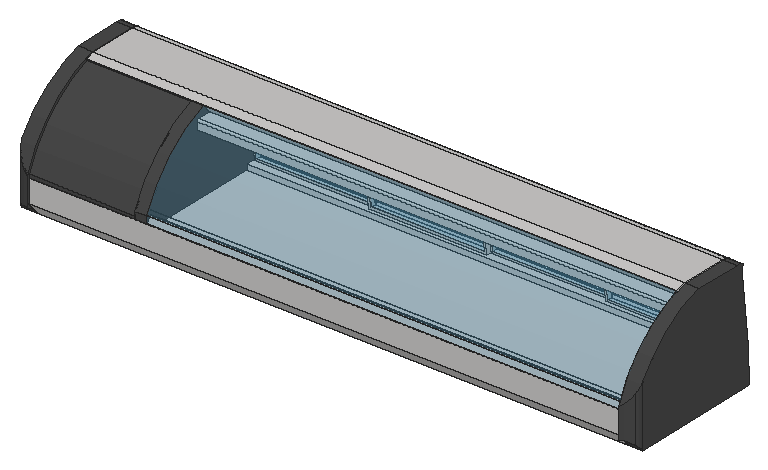
Revit family "QF_EVEREST_ESC59L", category Specialty Equipment, Revit 2015
Parameters (values of type "ESC59L")
  Weight in Pounds = 112
  Watts = if(Phase = 3, Volts * FL Amps * 1.73, Volts * FL Amps)  # 172.5 W
  Volts = 115 V
  URL Cutsheet = ""
  Specification by User = ""
  Specification by Manufacturer = ""
  Show Clearance [instance] = yes
  Show 4 Inches Back Splash [instance] = yes
  Serial Number = ""
  Seismic Rating = ""
  SMACNA No = ""
  Revision Code = ""
  Refrigerant Type [instance] = "R290"
  Phase = 1
  Number of Poles = 1
  NAFEM Spec ID Number = ""
  Model = "ESC59L"
  Min Ckt Ampacity = 0 A
  Max Overcurrent Protection = 0 A
  Masterspec = ""
  Manufacturer = "EVEREST"
  Length = 1500.00 mm
  Item Number = ""
  Installed By = ""
  Identify Quantity as Lot = yes
  Height = 283.00 mm
  HP = "1/8"
  Furnished By = ""
  Foodservice Equipment Identifier = yes
  FL Amps = 1.5 A
  Electrical Remarks = ""
  Electric Connection Type = ""
  Elec Conn RI Height = 0.00 mm
  Elec Conn Connection Height = 0.00 mm
  Description = "COUNTERTOP REFRIGERATED DISPLAY CASE"
  Depth = 349.00 mm
  Cycle = 60 Hz
  Conn Plug = "NEMA 5-15P"
  Conn Conduit = yes
  CSI MasterFormat = ""
  Base Height [instance] = if(Show 5 Inches Caster, 125.00 mm, 64.00 mm)  # 125.00 mm
  BTUH [instance] = 1211.0 Btu/h
  Apparent Power = if(Phase = 3, Volts * FL Amps * 1.73, Volts * FL Amps)  # 172.5 VA
  Show 5 Inches Caster [instance] = not(Show 2.5 Inches Caster)  # yes
  Show 2.5 Inches Caster [instance] = no
Reference planes
  plane 1 "BACK": y = 0
  plane 2: z = 0
  plane 3 "LEFT": x = 0
  plane 4 "RIGHT": x = 1500
  plane 5 "FRONT": y = -349
  plane 6 "TOP": z = 283
  plane 7 "Center Y": x = 750
  plane 8 "Center X": y = -174.5
  plane 9: z = 8
  plane 10: z = 33
  plane 11: z = 95
  plane 12: y = -19
  plane 13: y = -149
  plane 14: x = 892.75
  plane 15: x = 1465
  plane 16: x = 1178.875
  plane 17: x = 606.625
Forms (mm)
  Extrusion 1, solid, material "QF_Plastic - Black - Coarse Textured"
    sketch origin (0, 0, 0) x (0, 1, 0) y (0, 0, 1)
      loop
        line (0, 9.5) -> (0, 91.234) -> (-20.748, 259.241)
        arc (-20.748, 259.241) -> (-20.763, 259.811) -> (-20.671, 260.374) r 3
        arc (-20.671, 260.374) -> (-18.826, 269.44) -> (-18.029, 278.658) r 80.818
        arc (-18.029, 278.658) -> (-18.635, 280.519) -> (-20.285, 281.571) r 2.901
        arc (-20.285, 281.571) -> (-26.602, 282.642) -> (-33, 283) r 57.29
        line (-33, 283) -> (-149, 283)
        arc (-149, 283) -> (-271.831, 213.288) -> (-349, 95) r 299.198
        line (-349, 95) -> (-349, 34.921)
        arc (-349, 34.921) -> (-348.544, 33.304) -> (-347.311, 32.163) r 3.096
        arc (-347.311, 32.163) -> (-331.731, 21.751) -> (-319, 8) r 80
        line (-319, 8) -> (-1.5, 8)
        arc (-1.5, 8) -> (-0.439, 8.439) -> (0, 9.5) r 1.5
    from 0 to 35
  Extrusion 2, solid, material "QF_Plastic - Black - Coarse Textured"
    sketch origin (1500, 0, 0) x (0, -1, 0) y (0, 0, 1)
      loop
        arc (0, 9.5) -> (0.439, 8.439) -> (1.5, 8) r 1.5
        line (1.5, 8) -> (319, 8)
        arc (319, 8) -> (331.731, 21.751) -> (347.311, 32.163) r 80
        arc (347.311, 32.163) -> (348.544, 33.304) -> (349, 34.921) r 3.096
        line (349, 34.921) -> (349, 95)
        arc (349, 95) -> (271.831, 213.288) -> (149, 283) r 299.198
        line (149, 283) -> (33, 283)
        arc (33, 283) -> (26.602, 282.642) -> (20.285, 281.571) r 57.29
        arc (20.285, 281.571) -> (18.635, 280.519) -> (18.029, 278.658) r 2.901
        arc (18.029, 278.658) -> (18.826, 269.44) -> (20.671, 260.374) r 80.818
        arc (20.671, 260.374) -> (20.763, 259.811) -> (20.748, 259.241) r 3
        line (20.748, 259.241) -> (0, 91.234) -> (0, 9.5)
    from 0 to 35
  Extrusion 3, solid, material "QF_Metal - Stainless - Polished"
    sketch origin (35, 0, 0) x (0, 1, 0) y (0, 0, 1)
      loop
        line (0, 91.234) -> (-40, 91.234) -> (-40, 78.508) -> (-327.644, 78.508) -> (-327.644, 106) -> (-334.908, 110.194) -> (-342.65, 95) -> (-342.65, 36.888) -> (-319, 8) -> (-1.5, 8)
        arc (-1.5, 8) -> (-0.439, 8.439) -> (0, 9.5) r 1.5
        line (0, 9.5) -> (0, 91.234)
      loop
        line (-17.644, 234.109) -> (-20.748, 259.241)
        arc (-20.748, 259.241) -> (-20.763, 259.811) -> (-20.671, 260.374) r 3
        arc (-20.671, 260.374) -> (-18.826, 269.44) -> (-18.029, 278.658) r 80.818
        arc (-18.029, 278.658) -> (-18.635, 280.519) -> (-20.285, 281.571) r 2.901
        arc (-20.285, 281.571) -> (-26.602, 282.642) -> (-33, 283) r 57.29
        line (-33, 283) -> (-149, 283)
        arc (-149, 283) -> (-160.018, 279.626) -> (-170.898, 275.829) r 299.198
        line (-170.898, 275.829) -> (-155.26, 255.814) -> (-190.018, 255.814)
        arc (-190.018, 255.814) -> (-192.572, 254.756) -> (-193.63, 252.203) r 3.611
        line (-193.63, 252.203) -> (-193.63, 233.834) -> (-179.56, 225.711) -> (-65.271, 225.711) -> (-17.644, 234.109)
    from 0 to 1430
  Extrusion 4, solid, material "QF_Plastic - Black - Coarse Textured"
    sketch origin (285.5, 0, 0) x (0, 1, 0) y (0, 0, 1)
      loop
        line (-342.65, 111.411) -> (-342.65, 95) -> (-334.908, 110.194) -> (-327.644, 106) -> (-327.644, 78.508) -> (-40, 78.508) -> (-40, 91.234) -> (0, 91.234) -> (-17.644, 234.109) -> (-57.036, 227.163) -> (-65.618, 275.829) -> (-140.26, 275.829) -> (-140.26, 255.814) -> (-155.26, 255.814) -> (-170.898, 275.829)
        arc (-170.898, 275.829) -> (-273.807, 211.414) -> (-342.65, 111.411) r 299.198
    from 6.2 to 35
  Extrusion 5, solid, material "QF_Plastic - Black - Coarse Textured"
    sketch origin (35, 0, 0) x (0, 1, 0) y (0, 0, 1)
      loop
        line (-342.65, 102.954) -> (-342.65, 95) -> (-334.908, 110.194) -> (-327.644, 106) -> (-327.644, 78.508) -> (-40, 78.508) -> (-40, 91.234) -> (0, 91.234) -> (-17.644, 234.109) -> (-57.036, 227.163) -> (-65.618, 275.829) -> (-140.26, 275.829) -> (-140.26, 255.814) -> (-155.26, 255.814) -> (-168.842, 273.198)
        arc (-168.842, 273.198) -> (-274.045, 206.757) -> (-342.65, 102.954) r 296.018
    from 0 to 256.7
  Extrusion 6, solid, material "Glass"
    sketch origin (320.5, 0, 0) x (0, 1, 0) y (0, 0, 1)
      loop
        arc (-170.898, 275.829) -> (-273.807, 211.414) -> (-342.65, 111.411) r 299.198
        line (-342.65, 111.411) -> (-342.65, 95) -> (-334.908, 110.194) -> (-334.908, 120.991)
        arc (-334.908, 120.991) -> (-266.919, 213.509) -> (-168.842, 273.198) r 296.018
        line (-168.842, 273.198) -> (-170.898, 275.829)
    from 0 to 1144.5
  Revolve 7, solid, material "QF_Metal - Stainless - Polished"
    sketch origin (100, 0, 0) x (0, 1, 0) y (0, 0, 1)
      loop
        line (-305.48, 8) -> (-301.947, 1.881)
        arc (-301.947, 1.881) -> (-300.57, 0.504) -> (-298.689, 0) r 3.761
        line (-298.689, 0) -> (-286.813, 0) -> (-286.813, 8) -> (-305.48, 8)
      axis (-286.813, 0) -> (-286.813, 8)
    angle from 0 to 360
  Revolve 8, solid, material "QF_Metal - Stainless - Polished"
    sketch origin (100, 246.128, 0) x (0, 1, 0) y (0, 0, 1)
      loop
        line (-305.48, 8) -> (-301.947, 1.881)
        arc (-301.947, 1.881) -> (-300.57, 0.504) -> (-298.689, 0) r 3.761
        line (-298.689, 0) -> (-286.813, 0) -> (-286.813, 8) -> (-305.48, 8)
      axis (-286.813, 0) -> (-286.813, 8)
    angle from 0 to 360
  Extrusion 9, void
    sketch origin (0, 0, 0) x (1, 0, 0) y (0, 1, 0)
      loop
        line (0, -319) -> (-5, -319) -> (-5, -355.044) -> (55.13, -355.044) -> (55.13, -348.998)
        arc (55.13, -348.998) -> (29.399, -345.013) -> (6.576, -332.482) r 75.099
        arc (6.576, -332.482) -> (1.778, -326.477) -> (0, -319) r 17.583
      loop
        arc (1500, -319) -> (1498.222, -326.477) -> (1493.424, -332.482) r 17.583
        arc (1493.424, -332.482) -> (1470.601, -345.013) -> (1444.87, -348.998) r 75.099
        line (1444.87, -348.998) -> (1444.87, -355.044) -> (1505, -355.044) -> (1505, -319) -> (1500, -319)
    from 0 to 304.8
  Extrusion 10, solid, material "QF_Metal - Stainless - Polished"
    sketch origin (35, 0, 9.5) x (0, 0, 1) y (1, 0, 0)
      loop
        circle (44.754, 125.25) r 5
    from 0 to 6.35
  Extrusion 11, solid, material "QF_Metal - Stainless - Polished"
    sketch origin (1465, 0, 0) x (0, -1, 0) y (0, 0, 1)
      loop
        line (20, 91.234) -> (29.851, 91.234) -> (46.853, 228.959) -> (37.34, 230.636) -> (20, 91.234)
    from 572.25 to 858.375
  Extrusion 12, solid, material "QF_Metal - Stainless - Polished"
    sketch origin (320.5, 0, 0) x (0, 1, 0) y (0, 0, 1)
      loop
        line (-20, 91.234) -> (-10.146, 91.234) -> (-27.828, 232.313) -> (-37.34, 230.636) -> (-20, 91.234)
    from 0 to 286.125
  Extrusion 13, void
    sketch origin (320.5, -27.828, 232.313) x (0, -0.12436, 0.992237) y (-1, 0, 0)
      loop
        line (-134.608, -292.475) -> (-134.608, -565.9) -> (-6.831, -565.9) -> (-6.831, -292.475) -> (-134.608, -292.475)
    from 0 to 31.919
  Extrusion 14, solid, material "Glass"
    sketch origin (1465, -37.34, 230.636) x (0, 0.123439, -0.992352) y (-1, 0, 0)
      loop
        line (134.126, 578.6) -> (134.126, 852.025) -> (6.35, 852.025) -> (6.35, 578.6) -> (134.126, 578.6)
    from 0 to -9.712
  Extrusion 15, solid, material "QF_Metal - Stainless - Polished"
    sketch origin (742.75, -17.567, 233.599) x (0, -0.992237, -0.12436) y (1, 0, 0)
      loop
        line (10.341, -417.364) -> (0.121, -417.364) -> (0.121, -409.364) -> (-1.879, -409.364) -> (-1.879, -419.364) -> (10.341, -419.364) -> (10.341, -417.364)
      loop
        line (20.118, 716.114) -> (20.118, 718.114) -> (6.648, 718.114) -> (6.648, 708.114) -> (8.648, 708.114) -> (8.648, 716.114) -> (20.118, 716.114)
      loop
        line (20.118, 143.864) -> (20.118, 145.864) -> (6.648, 145.864) -> (6.648, 135.864) -> (8.648, 135.864) -> (8.648, 143.864) -> (20.118, 143.864)
      loop
        line (10.341, 154.886) -> (0.121, 154.886) -> (0.121, 162.886) -> (-1.879, 162.886) -> (-1.879, 152.886) -> (10.341, 152.886) -> (10.341, 154.886)
    from -42.344 to -98.382
  Extrusion 16, void
    sketch origin (320.5, -27.828, 232.313) x (0, -0.12436, 0.992237) y (-1, 0, 0)
      loop
        line (-6.35, -279.775) -> (-6.35, -6.35) -> (-135.833, -6.35) -> (-135.833, -279.775) -> (-6.35, -279.775)
    from 0 to 22
  Extrusion 17, solid, material "Glass"
    sketch origin (320.5, -27.828, 232.313) x (0, 0.12436, -0.992237) y (-1, 0, 0)
      loop
        line (135.833, -279.775) -> (135.833, -6.35) -> (6.35, -6.35) -> (6.35, -279.775) -> (135.833, -279.775)
    from 0 to -9.712
  Revolve 18, solid, material "QF_Metal - Stainless - Polished"
    sketch origin (750, 0, 0) x (0, 1, 0) y (0, 0, 1)
      loop
        line (-305.48, 8) -> (-301.947, 1.881)
        arc (-301.947, 1.881) -> (-300.57, 0.504) -> (-298.689, 0) r 3.761
        line (-298.689, 0) -> (-286.813, 0) -> (-286.813, 8) -> (-305.48, 8)
      axis (-286.813, 0) -> (-286.813, 8)
    angle from 0 to 360
  Revolve 19, solid, material "QF_Metal - Stainless - Polished"
    sketch origin (750, 246.128, 0) x (0, 1, 0) y (0, 0, 1)
      loop
        line (-305.48, 8) -> (-301.947, 1.881)
        arc (-301.947, 1.881) -> (-300.57, 0.504) -> (-298.689, 0) r 3.761
        line (-298.689, 0) -> (-286.813, 0) -> (-286.813, 8) -> (-305.48, 8)
      axis (-286.813, 0) -> (-286.813, 8)
    angle from 0 to 360
  Revolve 20, solid, material "QF_Metal - Stainless - Polished"
    sketch origin (1400, 0, 0) x (0, 1, 0) y (0, 0, -1)
      loop
        line (-305.48, -8) -> (-286.813, -8) -> (-286.813, 0) -> (-298.689, 0)
        arc (-298.689, 0) -> (-300.57, -0.504) -> (-301.947, -1.881) r 3.761
        line (-301.947, -1.881) -> (-305.48, -8)
      axis (-286.813, 0) -> (-286.813, -8)
    angle from 0 to 360
  Revolve 21, solid, material "QF_Metal - Stainless - Polished"
    sketch origin (1400, 246.128, 0) x (0, 1, 0) y (0, 0, -1)
      loop
        line (-305.48, -8) -> (-286.813, -8) -> (-286.813, 0) -> (-298.689, 0)
        arc (-298.689, 0) -> (-300.57, -0.504) -> (-301.947, -1.881) r 3.761
        line (-301.947, -1.881) -> (-305.48, -8)
      axis (-286.813, 0) -> (-286.813, -8)
    angle from 0 to 360
  Extrusion 22, solid, material "QF_Metal - Stainless - Polished"
    sketch origin (2037.25, 0, 0) x (0, -1, 0) y (0, 0, 1)
      loop
        line (20, 91.234) -> (29.851, 91.234) -> (46.853, 228.959) -> (37.34, 230.636) -> (20, 91.234)
    from 572.25 to 858.375
  Extrusion 23, solid, material "QF_Metal - Stainless - Polished"
    sketch origin (892.75, 0, 0) x (0, 1, 0) y (0, 0, 1)
      loop
        line (-20, 91.234) -> (-10.146, 91.234) -> (-27.828, 232.313) -> (-37.34, 230.636) -> (-20, 91.234)
    from 0 to 286.125
  Extrusion 24, void
    sketch origin (892.75, -27.828, 232.313) x (0, -0.12436, 0.992237) y (-1, 0, 0)
      loop
        line (-134.608, -292.475) -> (-134.608, -565.9) -> (-6.831, -565.9) -> (-6.831, -292.475) -> (-134.608, -292.475)
    from 0 to 31.919
  Extrusion 25, solid, material "Glass"
    sketch origin (2037.25, -37.34, 230.636) x (0, 0.123439, -0.992352) y (-1, 0, 0)
      loop
        line (134.126, 578.6) -> (134.126, 852.025) -> (6.35, 852.025) -> (6.35, 578.6) -> (134.126, 578.6)
    from 0 to -9.712
  Extrusion 26, void
    sketch origin (892.75, -27.828, 232.313) x (0, -0.12436, 0.992237) y (-1, 0, 0)
      loop
        line (-6.35, -279.775) -> (-6.35, -6.35) -> (-135.833, -6.35) -> (-135.833, -279.775) -> (-6.35, -279.775)
    from 0 to 22
  Extrusion 27, solid, material "Glass"
    sketch origin (892.75, -27.828, 232.313) x (0, 0.12436, -0.992237) y (-1, 0, 0)
      loop
        line (135.833, -279.775) -> (135.833, -6.35) -> (6.35, -6.35) -> (6.35, -279.775) -> (135.833, -279.775)
    from 0 to -9.712
Cuts and joins
  Extrusion 9 cuts Extrusion 1
  Extrusion 9 cuts Extrusion 2
  Extrusion 13, Extrusion 16, Extrusion 26 cuts Extrusion 12
  Extrusion 13, Extrusion 24 cuts Extrusion 11
  Extrusion 16 cuts Extrusion 3
  Extrusion 16 cuts Extrusion 6
  Extrusion 24 cuts Extrusion 14
  Extrusion 24 cuts Extrusion 22
  Extrusion 26 cuts Extrusion 17
  Extrusion 26 cuts Extrusion 23
Lines and regions (mm)
  symbolic lines
    curve 1: line (0, 0, 0) -> (1500, 0, 0)
    curve 2: line (0, 0, 0) -> (0, -319, 0)
    curve 3: line (1447.848, -349, 0) -> (52.152, -349, 0)
    curve 4: arc (6.576, -332.482, 0) -> (1.778, -326.477, 0) -> (0, -319, 0) r 17.583
    curve 5: arc (52.152, -349, 0) -> (27.994, -344.52, 0) -> (6.576, -332.482, 0) r 75.099
    curve 6: line (35, -346.678, 0) -> (35, 0, 0)
    curve 7: line (35, -149, 0) -> (1465, -149, 0)
    curve 8: line (35, -170.898, 0) -> (1465, -170.898, 0)
    curve 9: line (291.7, -170.898, 0) -> (291.7, -342.65, 0)
    curve 10: line (320.5, -170.898, 0) -> (320.5, -342.65, 0)
    curve 11: line (35, -342.65, 0) -> (1465, -342.65, 0)
    curve 12: line (1500, 0, 0) -> (1500, -319, 0)
    curve 13: arc (1493.424, -332.482, 0) -> (1472.006, -344.52, 0) -> (1447.848, -349, 0) r 75.099
    curve 14: arc (1500, -319, 0) -> (1498.222, -326.477, 0) -> (1493.424, -332.482, 0) r 17.583
    curve 15: line (1465, 0, 0) -> (1465, -346.678, 0)
Dimensions and locks
  equal spacing: plane 3 "LEFT", plane 7 "Center Y", plane 4 "RIGHT"
  "Length": plane 3 "LEFT" to plane 4 "RIGHT"
  equal spacing: plane 5 "FRONT", plane 8 "Center X", plane 1 "BACK"
  "Depth": plane 5 "FRONT" to plane 1 "BACK"
  "Height": plane 6 "TOP" to plane 2
  plane 9 to plane 2 = 8.00 mm
  plane 10 to plane 9 = 25.00 mm
  plane 11 to plane 9 = 87.00 mm
  equal spacing: plane 14, plane 16, plane 15
  aligned and locked: plane 2 to level
Automatic sketch dimensions
  curve 4 to plane 3 "LEFT" = 0.00 mm
  curve 7 to plane 13 = 0.00 mm
  plane 5 "FRONT" to curve 5 = 0.00 mm
  curve 15 to plane 15 = 0.00 mm
  plane 1 "BACK" to curve 12 = 0.00 mm
  curve 12 to plane 4 "RIGHT" = 0.00 mm
  plane 3 "LEFT" to curve 4 = 17.582 mm
  curve 4 to curve 3 = 34.57 mm
  plane 3 "LEFT" to curve 5 = 53.583 mm
  plane 15 to curve 13 = 18.583 mm
  plane 15 to curve 3 = 17.152 mm
  curve 14 to plane 15 = 17.418 mm
  curve 12 to plane 5 "FRONT" = 30.00 mm
  curve 2 to plane 5 "FRONT" = 30.00 mm
  curve 2 to curve 4 = 0.231 mm
  curve 14 to curve 14 = 0.231 mm
  curve 4 to curve 5 = 44.855 mm
  curve 14 to curve 13 = 44.855 mm
  plane 8 "Center X" to curve 8 = 3.602 mm
  plane 3 "LEFT" to curve 8 = 35.00 mm
  curve 9 to plane 5 "FRONT" = 6.35 mm
  curve 5 to curve 9 = 239.548 mm
  curve 9 to curve 10 = 28.80 mm
  curve 8 to plane 16 = 286.125 mm
  curve 7 to plane 16 = 286.125 mm
  Extrusion 1 sketch curve to plane 5 "FRONT" = 0.00 mm
  Extrusion 1 sketch curve to plane 9 = 0.00 mm
  Extrusion 1 sketch curve to plane 6 "TOP" = 0.00 mm
  Extrusion 1 sketch curve to plane 13 = 0.00 mm
  Extrusion 1 sketch curve to plane 1 "BACK" = 0.00 mm
  Extrusion 1 sketch curve to plane 11 = 0.00 mm
  plane 5 "FRONT" to Extrusion 1 sketch curve = 34.666 mm
  Extrusion 1 sketch curve to Extrusion 1 sketch curve = 3.096 mm
  Extrusion 1 sketch curve to plane 5 "FRONT" = 30.00 mm
  Extrusion 1 sketch curve to plane 6 "TOP" = 2.00 mm
  plane 13 to Extrusion 1 sketch curve = 50.187 mm
  Extrusion 1 sketch curve to level = 4.716 mm
  Extrusion 1 sketch curve to plane 12 = 14.00 mm
  Extrusion 1 sketch curve to plane 12 = 1.928 mm
  Extrusion 1 sketch curve to plane 12 = 1.748 mm
  plane 12 to Extrusion 1 sketch curve = 1.23 mm
  plane 1 "BACK" to Extrusion 1 sketch curve = 1.50 mm
  Extrusion 1 sketch curve to level = 39.099 mm
  plane 10 to Extrusion 1 sketch curve = 1.921 mm
  Extrusion 1 sketch curve to plane 11 = 3.766 mm
  Extrusion 1 sketch curve to Extrusion 1 sketch curve = 57.29 mm
  Extrusion 1 sketch curve to plane 6 "TOP" = 23.759 mm
  Extrusion 1 sketch curve to Extrusion 1 sketch curve = 0.368 mm
  Extrusion 1 sketch curve to plane 6 "TOP" = 4.258 mm
  Extrusion 1 sketch curve to Extrusion 1 sketch curve = 0.00 mm  (x2)
  Extrusion 2 sketch curve to plane 1 "BACK" = 0.00 mm
  Extrusion 2 sketch curve to plane 9 = 0.00 mm
  Extrusion 2 sketch curve to plane 6 "TOP" = 0.00 mm
  Extrusion 2 sketch curve to plane 13 = 0.00 mm
  Extrusion 2 sketch curve to plane 5 "FRONT" = 0.00 mm
  Extrusion 2 sketch curve to plane 11 = 0.00 mm
  Extrusion 2 sketch curve to Extrusion 2 sketch curve = 1.50 mm
  plane 12 to Extrusion 2 sketch curve = 1.23 mm
  Extrusion 2 sketch curve to plane 12 = 1.748 mm
  Extrusion 2 sketch curve to plane 12 = 1.928 mm
  Extrusion 2 sketch curve to plane 12 = 14.00 mm
  Extrusion 2 sketch curve to level = 4.716 mm
  Extrusion 2 sketch curve to plane 6 "TOP" = 2.00 mm
  plane 13 to Extrusion 2 sketch curve = 50.187 mm
  Extrusion 2 sketch curve to plane 5 "FRONT" = 30.00 mm
  Extrusion 2 sketch curve to Extrusion 2 sketch curve = 3.096 mm
  plane 5 "FRONT" to Extrusion 2 sketch curve = 34.666 mm
  Extrusion 2 sketch curve to level = 39.099 mm
  plane 10 to Extrusion 2 sketch curve = 1.921 mm
  Extrusion 2 sketch curve to plane 11 = 3.766 mm
  Extrusion 2 sketch curve to Extrusion 2 sketch curve = 57.29 mm
  Extrusion 2 sketch curve to plane 6 "TOP" = 23.759 mm
  Extrusion 2 sketch curve to Extrusion 2 sketch curve = 0.368 mm
  Extrusion 2 sketch curve to plane 6 "TOP" = 4.258 mm
  plane 12 to Extrusion 2 sketch curve = 0.971 mm
  Extrusion 2 sketch curve to Extrusion 2 sketch curve = 0.00 mm
  Extrusion 3 sketch curve to Extrusion 1 = 0.00 mm  (x2)
  Extrusion 3 sketch curve to Extrusion 1 = 27.186 mm
  Extrusion 3 sketch curve to Extrusion 3 sketch curve = 6.26 mm
  Extrusion 3 sketch curve to Extrusion 1 = 7.171 mm
  Extrusion 3 sketch curve to Extrusion 3 sketch curve = 24.30 mm
  Extrusion 3 sketch curve to Extrusion 3 sketch curve = 19.121 mm
  Extrusion 3 sketch curve to Extrusion 3 sketch curve = 3.611 mm
  Extrusion 3 sketch curve to Extrusion 1 = 30.00 mm
  Extrusion 3 sketch curve to Extrusion 1 = 21.356 mm
  Extrusion 3 sketch curve to Extrusion 3 sketch curve = 7.264 mm
  Extrusion 3 sketch curve to Extrusion 1 = 6.35 mm
  Extrusion 3 sketch curve to Extrusion 3 sketch curve = 32.271 mm
  Extrusion 3 sketch curve to Extrusion 1 = 40.00 mm
  Extrusion 3 sketch curve to Extrusion 3 sketch curve = 0.077 mm
  Extrusion 3 sketch curve to Extrusion 3 sketch curve = 15.356 mm
  Extrusion 3 sketch curve to Extrusion 1 = 28.888 mm
  Extrusion 3 sketch curve to Extrusion 3 sketch curve = 41.62 mm
  Extrusion 3 sketch curve to Extrusion 3 sketch curve = 16.492 mm
  Extrusion 3 sketch curve to Extrusion 3 sketch curve = 11.00 mm
  Extrusion 3 sketch curve to Extrusion 3 sketch curve = 4.194 mm
  Extrusion 3 sketch curve to Extrusion 3 sketch curve = 26.491 mm
  Extrusion 3 sketch curve to Extrusion 3 sketch curve = 8.123 mm
  Extrusion 4 sketch curve to plane 11 = 0.00 mm
  Extrusion 4 sketch curve to plane 1 "BACK" = 0.00 mm
  plane 12 to Extrusion 4 sketch curve = 1.356 mm
  Extrusion 4 sketch curve to plane 11 = 3.766 mm
  Extrusion 4 sketch curve to plane 12 = 21.00 mm
  Extrusion 4 sketch curve to plane 12 = 38.036 mm
  Extrusion 4 sketch curve to plane 6 "TOP" = 7.171 mm
  Extrusion 4 sketch curve to plane 12 = 46.618 mm
  Extrusion 4 sketch curve to level = 4.716 mm
  Extrusion 4 sketch curve to plane 12 = 47.907 mm
  plane 13 to Extrusion 4 sketch curve = 8.74 mm
  Extrusion 4 sketch curve to plane 13 = 6.26 mm
  plane 8 "Center X" to Extrusion 4 sketch curve = 3.602 mm
  Extrusion 4 sketch curve to plane 5 "FRONT" = 21.356 mm
  Extrusion 4 sketch curve to Extrusion 4 sketch curve = 7.264 mm
  Extrusion 4 sketch curve to plane 5 "FRONT" = 6.35 mm
  Extrusion 4 sketch curve to plane 11 = 16.492 mm
  plane 11 to Extrusion 4 sketch curve = 11.00 mm
  Extrusion 4 sketch curve to Extrusion 4 sketch curve = 4.194 mm
  Extrusion 4 sketch curve to Extrusion 4 sketch curve = 1.218 mm
  Extrusion 4 sketch curve to Extrusion 4 sketch curve = 48.666 mm
  Extrusion 4 sketch curve to Extrusion 4 sketch curve = 20.015 mm
  Extrusion 5 sketch curve to Extrusion 1 = 0.00 mm  (x3)
  Extrusion 5 sketch curve to Extrusion 1 = 27.186 mm
  Extrusion 5 sketch curve to Extrusion 1 = 140.26 mm
  Extrusion 5 sketch curve to Extrusion 5 sketch curve = 15.00 mm
  Extrusion 5 sketch curve to Extrusion 1 = 9.802 mm
  Extrusion 5 sketch curve to Extrusion 1 = 21.356 mm
  Extrusion 5 sketch curve to Extrusion 5 sketch curve = 7.264 mm
  Extrusion 5 sketch curve to Extrusion 1 = 6.35 mm
  Extrusion 5 sketch curve to Extrusion 1 = 7.171 mm
  Extrusion 5 sketch curve to Extrusion 1 = 65.618 mm
  Extrusion 5 sketch curve to Extrusion 5 sketch curve = 8.581 mm
  Extrusion 5 sketch curve to Extrusion 1 = 40.00 mm
  Extrusion 5 sketch curve to Extrusion 1 = 17.644 mm
  Extrusion 5 sketch curve to Extrusion 5 sketch curve = 12.726 mm
  Extrusion 5 sketch curve to Extrusion 5 sketch curve = 7.954 mm
  Extrusion 5 sketch curve to Extrusion 5 sketch curve = 3.046 mm
  Extrusion 5 sketch curve to Extrusion 5 sketch curve = 4.194 mm
  Extrusion 6 sketch curve to Extrusion 4 = 0.00 mm  (x5)
  Extrusion 4 to Extrusion 6 sketch curve = 0.00 mm
  Revolve 7 sketch curve to plane 9 = 0.00 mm
  Revolve 7 sketch curve to level = 0.00 mm
  Revolve 7 sketch curve to plane 5 "FRONT" = 43.52 mm
  level to Revolve 7 sketch curve = 1.881 mm
  Revolve 7 sketch curve to Revolve 7 sketch curve = 3.533 mm
  level to Revolve 7 sketch curve = 3.761 mm
  Revolve 7 sketch curve to Revolve 7 sketch curve = 11.876 mm
  Revolve 7 sketch curve to Revolve 7 sketch curve = 0.00 mm
  plane 9 to Revolve 7 sketch curve = 2.06 mm
  Revolve 7 sketch curve to Revolve 7 sketch curve = 2.108 mm
  Revolve 8 sketch curve to plane 9 = 0.00 mm
  Revolve 8 sketch curve to level = 0.00 mm
  Revolve 8 sketch curve to plane 12 = 40.351 mm
  level to Revolve 8 sketch curve = 1.881 mm
  Revolve 8 sketch curve to Revolve 8 sketch curve = 3.533 mm
  Revolve 8 sketch curve to Revolve 8 sketch curve = 3.257 mm
  Revolve 8 sketch curve to Revolve 8 sketch curve = 11.876 mm
  Revolve 8 sketch curve to Revolve 8 sketch curve = 0.00 mm
  plane 9 to Revolve 8 sketch curve = 2.06 mm
  Revolve 8 sketch curve to Revolve 8 sketch curve = 2.108 mm
  Extrusion 9 sketch curve to plane 3 "LEFT" = 0.00 mm
  Extrusion 9 sketch curve to plane 4 "RIGHT" = 0.00 mm
  Extrusion 9 sketch curve to plane 3 "LEFT" = 5.00 mm
  plane 3 "LEFT" to Extrusion 9 sketch curve = 17.582 mm
  plane 3 "LEFT" to Extrusion 9 sketch curve = 53.583 mm
  plane 5 "FRONT" to Extrusion 9 sketch curve = 6.044 mm  (x2)
  Extrusion 9 sketch curve to Extrusion 9 sketch curve = 37.549 mm
  Extrusion 9 sketch curve to plane 5 "FRONT" = 0.002 mm  (x2)
  plane 15 to Extrusion 9 sketch curve = 20.13 mm
  plane 15 to Extrusion 9 sketch curve = 18.583 mm
  Extrusion 9 sketch curve to plane 15 = 17.418 mm
  Extrusion 9 sketch curve to plane 4 "RIGHT" = 5.00 mm
  Extrusion 9 sketch curve to plane 5 "FRONT" = 30.00 mm  (x2)
  Extrusion 9 sketch curve to Extrusion 9 sketch curve = 0.231 mm  (x2)
  Extrusion 9 sketch curve to Extrusion 9 sketch curve = 44.855 mm  (x2)
  Extrusion 10 sketch curve to Extrusion 3 = 36.98 mm
  Extrusion 3 to Extrusion 10 sketch curve = 125.25 mm
  Extrusion 11 sketch curve to Extrusion 2 = 20.00 mm
  Extrusion 11 sketch curve to Extrusion 11 sketch curve = 9.851 mm
  Extrusion 11 sketch curve to Extrusion 2 = 37.34 mm
  Extrusion 11 sketch curve to Extrusion 11 sketch curve = 9.513 mm
  Extrusion 11 sketch curve to Extrusion 2 = 83.234 mm
  Extrusion 11 sketch curve to Extrusion 2 = 54.041 mm
  Extrusion 11 sketch curve to Extrusion 11 sketch curve = 1.677 mm
  Extrusion 12 sketch curve to Extrusion 4 = 0.00 mm  (x2)
  Extrusion 4 to Extrusion 12 sketch curve = 0.00 mm
  Extrusion 4 to Extrusion 12 sketch curve = 2.66 mm
  Extrusion 12 sketch curve to Extrusion 12 sketch curve = 9.512 mm
  Extrusion 4 to Extrusion 12 sketch curve = 20.00 mm
  Extrusion 12 sketch curve to Extrusion 12 sketch curve = 9.854 mm
  Extrusion 13 sketch curve to Extrusion 12 = 7.575 mm
  Extrusion 13 sketch curve to Extrusion 12 = 6.831 mm
  Extrusion 12 to Extrusion 13 sketch curve = 279.775 mm
  Extrusion 12 to Extrusion 13 sketch curve = 6.35 mm
  Extrusion 11 to Extrusion 14 sketch curve = 6.35 mm  (x4)
  Extrusion 16 sketch curve to Extrusion 12 = 6.35 mm  (x4)
  Extrusion 12 to Extrusion 17 sketch curve = 6.35 mm  (x4)
  Revolve 18 sketch curve to plane 9 = 0.00 mm
  Revolve 18 sketch curve to level = 0.00 mm
  Revolve 18 sketch curve to plane 5 "FRONT" = 43.52 mm
  level to Revolve 18 sketch curve = 1.881 mm
  Revolve 18 sketch curve to Revolve 18 sketch curve = 3.533 mm
  level to Revolve 18 sketch curve = 3.761 mm
  Revolve 18 sketch curve to Revolve 18 sketch curve = 11.876 mm
  Revolve 18 sketch curve to Revolve 18 sketch curve = 0.00 mm
  plane 9 to Revolve 18 sketch curve = 2.06 mm
  Revolve 18 sketch curve to Revolve 18 sketch curve = 2.108 mm
  Revolve 19 sketch curve to plane 9 = 0.00 mm
  Revolve 19 sketch curve to level = 0.00 mm
  Revolve 19 sketch curve to plane 12 = 40.351 mm
  level to Revolve 19 sketch curve = 1.881 mm
  Revolve 19 sketch curve to Revolve 19 sketch curve = 3.533 mm
  level to Revolve 19 sketch curve = 3.761 mm
  Revolve 19 sketch curve to Revolve 19 sketch curve = 11.876 mm
  Revolve 19 sketch curve to Revolve 19 sketch curve = 0.00 mm
  plane 9 to Revolve 19 sketch curve = 2.06 mm
  Revolve 19 sketch curve to Revolve 19 sketch curve = 2.108 mm
  plane 9 to Revolve 20 sketch curve = 0.00 mm
  Revolve 20 sketch curve to level = 0.00 mm
  Revolve 20 sketch curve to plane 5 "FRONT" = 43.52 mm
  level to Revolve 20 sketch curve = 1.881 mm
  Revolve 20 sketch curve to Revolve 20 sketch curve = 3.533 mm
  level to Revolve 20 sketch curve = 3.761 mm
  Revolve 20 sketch curve to Revolve 20 sketch curve = 11.876 mm
  Revolve 20 sketch curve to Revolve 20 sketch curve = 0.00 mm
  plane 9 to Revolve 20 sketch curve = 2.06 mm
  Revolve 20 sketch curve to Revolve 20 sketch curve = 2.108 mm
  Revolve 21 sketch curve to plane 9 = 0.00 mm
  Revolve 21 sketch curve to level = 0.00 mm
  Revolve 21 sketch curve to plane 12 = 40.351 mm
  level to Revolve 21 sketch curve = 1.881 mm
  Revolve 21 sketch curve to Revolve 21 sketch curve = 3.533 mm
  Revolve 21 sketch curve to Revolve 21 sketch curve = 3.257 mm
  Revolve 21 sketch curve to Revolve 21 sketch curve = 11.876 mm
  Revolve 21 sketch curve to Revolve 21 sketch curve = 0.00 mm
  plane 9 to Revolve 21 sketch curve = 2.06 mm
  Revolve 21 sketch curve to Revolve 21 sketch curve = 2.108 mm
  Extrusion 22 sketch curve to plane 12 = 1.00 mm
  Extrusion 22 sketch curve to plane 11 = 3.766 mm
  Extrusion 22 sketch curve to Extrusion 22 sketch curve = 9.851 mm
  Extrusion 22 sketch curve to plane 12 = 18.34 mm
  Extrusion 22 sketch curve to Extrusion 22 sketch curve = 9.513 mm
  Extrusion 22 sketch curve to plane 6 "TOP" = 54.041 mm
  Extrusion 22 sketch curve to Extrusion 22 sketch curve = 1.677 mm
  Extrusion 23 sketch curve to plane 12 = 18.34 mm
  Extrusion 23 sketch curve to plane 12 = 8.828 mm
  Extrusion 23 sketch curve to plane 12 = 1.00 mm
  Extrusion 23 sketch curve to plane 11 = 3.766 mm
  plane 12 to Extrusion 23 sketch curve = 8.854 mm
  Extrusion 23 sketch curve to plane 6 "TOP" = 52.364 mm
  Extrusion 23 sketch curve to Extrusion 23 sketch curve = 1.677 mm
  Extrusion 24 sketch curve to Extrusion 23 = 7.575 mm
  Extrusion 24 sketch curve to Extrusion 23 = 6.831 mm
  Extrusion 23 to Extrusion 24 sketch curve = 279.775 mm
  Extrusion 23 to Extrusion 24 sketch curve = 6.35 mm
  Extrusion 22 to Extrusion 25 sketch curve = 6.35 mm  (x4)
  Extrusion 26 sketch curve to Extrusion 23 = 6.35 mm  (x4)
  Extrusion 23 to Extrusion 27 sketch curve = 6.35 mm  (x4)
  Extrusion 15 sketch curve to plane 14 = 2.886 mm
  Extrusion 15 sketch curve to plane 17 = 283.239 mm
  Extrusion 15 sketch curve to Extrusion 15 sketch curve = 0.00 mm
  Extrusion 15 sketch curve to Extrusion 15 sketch curve = 2.00 mm  (x8)
  plane 15 to Extrusion 15 sketch curve = 4.136 mm
  Extrusion 15 sketch curve to Extrusion 15 sketch curve = 6.527 mm
  Extrusion 15 sketch curve to Extrusion 15 sketch curve = 8.527 mm
  Extrusion 15 sketch curve to Extrusion 15 sketch curve = 10.22 mm
  Extrusion 15 sketch curve to Extrusion 15 sketch curve = 3.693 mm
  plane 14 to Extrusion 15 sketch curve = 4.136 mm
  Extrusion 15 sketch curve to Extrusion 15 sketch curve = 11.47 mm  (x2)
  Extrusion 15 sketch curve to Extrusion 15 sketch curve = 8.00 mm  (x2)
  Extrusion 15 sketch curve to Extrusion 15 sketch curve = 10.00 mm  (x2)
  radius of Extrusion 3 sketch curve to Extrusion 1 = 0.00 mm  (x6)
  radius of Extrusion 5 sketch curve to Extrusion 1 = 3.18 mm
  radius of Extrusion 6 sketch curve to Extrusion 4 = 0.00 mm
  radius of Extrusion 6 sketch curve to Extrusion 4 = 3.18 mm
  radius of Extrusion 10 sketch curve = 5.00 mm
Connectors
  electrical at (160.25, 6.35, 54.254), driven by "Volts", driven by "Watts"
    settings: on Extrusion 10, index 2, voltage 115 V, apparent load 172.5 VA, apparent load phase1 0 VA, apparent load phase2 0 VA, apparent load phase3 0 VA, power factor 1, load classification "Other", number of poles 1, system type 30, power factor state 1, is connector primary yes, connector utility no, sub classification motor no, connector description "ELECTRICAL CONNECTION"
